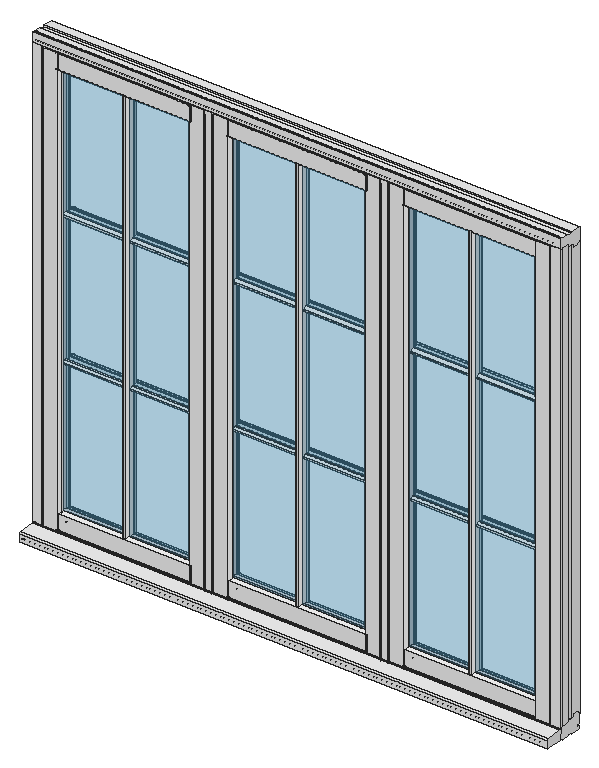
Revit family "C3-6P", category Windows, host Wall, Revit 2012
Parameters
  metal = Matel
  Wood = WindowColor
  Str.Tolrance = 11.0 mm
  Height = 1770.0 mm
  Glass = Glass
  Default Sill Height = 914.4 mm
  Wall Closure = By host
  Width = 2078.0 mm
Reference planes
  plane 1 "Center (Front/Back)": y = 0
  plane 2: z = 0
  plane 3 "Center (Left/Right)": x = 0
  plane 4 "Left": x = -1039
  plane 5 "Right": x = 1039
  plane 6 "Sill": z = 914.4
  plane 7 "Top": z = 2684.4
  plane 8: y = 33.076
  plane 9: z = 2648.4
  plane 10: x = 999
  plane 11: x = -999
  plane 12: z = 2644.4
  plane 13: z = 962.4
  plane 14: x = 941
  plane 15: x = -941
  plane 16: z = 1024.4
  plane 17: z = 2586.4
  plane 18: z = 2628.4
  plane 19: z = 2065.74
  plane 20: x = 346.333
  plane 21: x = -346.333
  plane 22: z = 952.4
  plane 23: x = 32.529
  plane 24: x = 364.333
  plane 25: x = 328.333
  plane 26: x = -364.333
  plane 27: x = -328.333
  plane 28: x = -230.333
  plane 29: x = 681.667
  plane 30: x = 0
  plane 31: x = -681.667
  plane 32: z = 1545.06
Forms (mm)
  Sweep 1, solid, material "Matel" <- "metal"
    path origin (0, 0, 0) x (1, 0, 0) y (0, 0, 1)
      loop
        line (1039, 914.4) -> (1039, 2648.4)
    profile origin (1039, 0, 1781.4) x (-1, 0, 0) y (0, -1, 0)
      loop
        line (0, -10) -> (0, -47) -> (43, -47) -> (43, -44)
        arc (43, -44) -> (50.071, -41.071) -> (53, -34) r 10
        line (53, -34) -> (56, -34) -> (56, -18) -> (36, -18) -> (36, -14) -> (44, -14) -> (44, -4) -> (36, -4) -> (36, -1) -> (44, -1) -> (44, 7) -> (36, 7) -> (36, 31.727)
        arc (36, 31.727) -> (34.922, 33.441) -> (33, 34.079) r 3
        line (33, 34.079) -> (33, 41)
        arc (33, 41) -> (34.834, 41.499) -> (36, 43) r 3
        line (36, 43) -> (36, 47) -> (0, 47) -> (0, 42) -> (2, 42)
        arc (2, 42) -> (5, 39) -> (2, 36) r 3
        line (2, 36) -> (0, 36) -> (0, 10) -> (5, 10) -> (5, -10) -> (0, -10)
  Sweep 2, solid, material "Matel" <- "metal"
    path origin (0, 0, 0) x (1, 0, 0) y (0, 0, 1)
      loop
        line (999, 914.4) -> (999, 2644.4)
    profile origin (999, 0, 1779.4) x (-1, 0, 0) y (0, -1, 0)
      loop
        arc (8, -11.25) -> (8.879, -13.371) -> (11, -14.25) r 3
        line (11, -14.25) -> (52, -14.25) -> (52, 33.75) -> (68, 33.75) -> (68, 35.75) -> (58, 45.75) -> (3, 45.75)
        arc (3, 45.75) -> (0.879, 44.871) -> (0, 42.75) r 3
        line (0, 42.75) -> (0, 40.75)
        arc (0, 40.75) -> (0.879, 38.629) -> (3, 37.75) r 3
        line (3, 37.75) -> (8, 37.75) -> (8, 26.75)
        arc (8, 26.75) -> (8.586, 25.336) -> (10, 24.75) r 2
        line (10, 24.75) -> (10, 6.75)
        arc (10, 6.75) -> (8.586, 6.164) -> (8, 4.75) r 2
        line (8, 4.75) -> (8, -11.25)
  Sweep 3, solid, material "Matel" <- "metal"
    path origin (0, 0, 0) x (-1, 0, 0) y (0, 0, 1)
      loop
        line (1039, 914.4) -> (1039, 2648.4)
    profile origin (-1039, 0, 1781.4) x (-1, 0, 0) y (0, -1, 0)
      loop
        line (0, -10) -> (-5, -10) -> (-5, 10) -> (0, 10) -> (0, 36) -> (-2, 36)
        arc (-2, 36) -> (-5, 39) -> (-2, 42) r 3
        line (-2, 42) -> (0, 42) -> (0, 47) -> (-36, 47) -> (-36, 43)
        arc (-36, 43) -> (-34.834, 41.499) -> (-33, 41) r 3
        line (-33, 41) -> (-33, 34.079)
        arc (-33, 34.079) -> (-34.922, 33.441) -> (-36, 31.727) r 3
        line (-36, 31.727) -> (-36, 7) -> (-44, 7) -> (-44, -1) -> (-36, -1) -> (-36, -4) -> (-44, -4) -> (-44, -14) -> (-36, -14) -> (-36, -18) -> (-56, -18) -> (-56, -34) -> (-53, -34)
        arc (-53, -34) -> (-50.071, -41.071) -> (-43, -44) r 10
        line (-43, -44) -> (-43, -47) -> (0, -47) -> (0, -10)
  Sweep 4, solid, material "Matel" <- "metal"
    path origin (-2484.788, 0, 2651.344) x (0, 0, 1) y (1, 0, 0)
      loop
        line (33.056, 1445.788) -> (33.056, 3523.788)
    profile origin (0, 0, 2684.4) x (0, 0, 1) y (0, -1, 0)
      loop
        line (0, -10) -> (-5, -10) -> (-5, 10) -> (0, 10) -> (0, 36) -> (-2, 36)
        arc (-2, 36) -> (-5, 39) -> (-2, 42) r 3
        line (-2, 42) -> (0, 42) -> (0, 47) -> (-36, 47) -> (-36, 43)
        arc (-36, 43) -> (-34.834, 41.499) -> (-33, 41) r 3
        line (-33, 41) -> (-33, 34.079)
        arc (-33, 34.079) -> (-34.922, 33.441) -> (-36, 31.727) r 3
        line (-36, 31.727) -> (-36, 7) -> (-44, 7) -> (-44, -1) -> (-36, -1) -> (-36, -4) -> (-44, -4) -> (-44, -14) -> (-36, -14) -> (-36, -18) -> (-56, -18) -> (-56, -34) -> (-53, -34)
        arc (-53, -34) -> (-50.071, -41.071) -> (-43, -44) r 10
        line (-43, -44) -> (-43, -47) -> (0, -47) -> (0, -10)
  Sweep 5, solid, material "Matel" <- "metal"
    path origin (0, 0, 0) x (1, 0, 0) y (0, 0, 1)
      loop
        line (1039, 914.4) -> (-1039, 914.4)
    profile origin (0, 0, 914.4) x (0, 0, -1) y (0, -1, 0)
      loop
        line (-55, -46) -> (-20, -46) -> (-20, -36) -> (-10, -36) -> (-10, -46) -> (0, -46) -> (0, -9) -> (-5, -9) -> (-5, 11) -> (0, 11) -> (0, 37) -> (-2, 37)
        arc (-2, 37) -> (-5, 40) -> (-2, 43) r 3
        line (-2, 43) -> (0, 43) -> (0, 48) -> (-23, 48) -> (-23, 43) -> (-38, 43) -> (-38, 48) -> (-41, 48)
        arc (-41, 48) -> (-42.414, 47.414) -> (-43, 46) r 2
        line (-43, 46) -> (-48, 6) -> (-53, 6) -> (-56, -17) -> (-57, -17) -> (-57, -23) -> (-60, -23) -> (-60, -17) -> (-68, -17) -> (-68, -33) -> (-65, -33)
        arc (-65, -33) -> (-62.071, -40.071) -> (-55, -43) r 10
        line (-55, -43) -> (-55, -46)
  Sweep 6, solid, material "Matel" <- "metal"
    path origin (0, 0, 0) x (1, 0, 0) y (0, 0, 1)
      loop
        line (1039, 914.4) -> (-1039, 914.4)
    profile origin (0, 0, 914.4) x (0, 0, -1) y (0, -1, 0)
      loop
        line (-2, 103) -> (0, 103) -> (0, 108) -> (-28, 108)
        arc (-28, 108) -> (-30.068, 107.174) -> (-30.996, 105.149) r 3
        line (-30.996, 105.149) -> (-38, 48) -> (-38, 43) -> (-23, 43) -> (-23, 48) -> (0, 48) -> (0, 97) -> (-2, 97)
        arc (-2, 97) -> (-5, 100) -> (-2, 103) r 3
  Sweep 7, solid, material "Matel" <- "metal"
    path origin (0, 0, 0) x (1, 0, 0) y (0, 0, 1)
      loop
        line (947, 957.4) -> (416.333, 957.4)
    profile origin (681.667, 0, 957.4) x (0, 0, -1) y (0, -1, 0)
      loop
        line (-12, -11.75) -> (-12, 4.25)
        arc (-12, 4.25) -> (-12.586, 5.664) -> (-14, 6.25) r 2
        line (-14, 6.25) -> (-14, 24.25)
        arc (-14, 24.25) -> (-12.586, 24.836) -> (-12, 26.25) r 2
        line (-12, 26.25) -> (-12, 37.25) -> (-3, 37.25)
        arc (-3, 37.25) -> (-0.879, 38.129) -> (0, 40.25) r 3
        line (0, 40.25) -> (0, 42.25)
        arc (0, 42.25) -> (-0.879, 44.371) -> (-3, 45.25) r 3
        line (-3, 45.25) -> (-62, 45.25) -> (-72, 35.25) -> (-72, 33.25) -> (-56, 33.25) -> (-56, -14.75) -> (-15, -14.75)
        arc (-15, -14.75) -> (-12.879, -13.871) -> (-12, -11.75) r 3
  Sweep 8, solid, material "Matel" <- "metal"
    path origin (0, 0, 0) x (1, 0, 0) y (0, 0, 1)
      loop
        line (-422.333, 2586.4) -> (-941, 2586.4) -> (-941, 1019.4) -> (-422.333, 1019.4) -> (-422.333, 2586.4)
    profile origin (-681.667, 0, 2586.4) x (0, 0, -1) y (0, -1, 0)
      loop
        line (-1, -10) -> (-1, -7)
        arc (-1, -7) -> (4.657, -4.657) -> (7, 1) r 8
        line (7, 1) -> (10, 1) -> (10, 5) -> (6, 6) -> (6, 9) -> (-6, 9) -> (-6, -10) -> (-1, -10)
  Sweep 9, solid
    path origin (0, 0, 0) x (1, 0, 0) y (0, 0, 1)
      loop
        line (-422.333, 2586.4) -> (-941, 2586.4) -> (-941, 1024.4) -> (-422.333, 1024.4) -> (-422.333, 2586.4)
    profile origin (-681.667, 0, 2586.4) x (0, 0, -1) y (0, -1, 0)
      loop
        line (-6, 13.165) -> (4, 13.165) -> (4, 29.165) -> (-6, 29.165) -> (-6, 13.165)
  Sweep 10, void
    path origin (0, 0, 0) x (1, 0, 0) y (0, 1, 0)
      loop
        line (-1039, 0) -> (1039, 0)
    profile origin (0, 0, 0) x (0, 1, 0) y (0, 0, 1)
      loop
        line (46, 969.4) -> (43, 969.4)
        arc (43, 969.4) -> (40.071, 976.471) -> (33, 979.4) r 10
        line (33, 979.4) -> (33, 982.4) -> (17, 982.4) -> (17, 974.4) -> (23, 974.4) -> (23, 971.4) -> (17, 971.4) -> (17, 970.4) -> (-6, 967.4) -> (-6, 962.4) -> (-46, 957.4)
        arc (-46, 957.4) -> (-47.414, 956.814) -> (-48, 955.4) r 2
        line (-48, 955.4) -> (-48, 952.4) -> (-80.364, 948.378) -> (-105.37, 945.377) -> (-130.37, 942.377)
        arc (-130.37, 942.377) -> (-132.248, 941.386) -> (-133, 939.4) r 3
        line (-133, 939.4) -> (-133, 909.4) -> (57, 909.4) -> (57, 969.4) -> (46, 969.4)
  Sweep 11, void
    path origin (0, 0, 0) x (1, 0, 0) y (0, 1, 0)
      loop
        line (-1039, 0) -> (1039, 0)
    profile origin (0, 0, 0) x (0, 1, 0) y (0, 0, 1)
      loop
        line (47, 2641.4) -> (57, 2641.4) -> (57, 2691.4) -> (-58, 2691.4) -> (-58, 2648.4) -> (-47, 2648.4) -> (-43, 2648.4)
        arc (-43, 2648.4) -> (-41.499, 2649.566) -> (-41, 2651.4) r 3
        line (-41, 2651.4) -> (-34.079, 2651.4)
        arc (-34.079, 2651.4) -> (-33.441, 2649.478) -> (-31.727, 2648.4) r 3
        line (-31.727, 2648.4) -> (-7, 2648.4) -> (-7, 2640.4) -> (1, 2640.4) -> (1, 2648.4) -> (4, 2648.4) -> (4, 2640.4) -> (14, 2640.4) -> (14, 2648.4) -> (18, 2648.4) -> (18, 2628.4) -> (34, 2628.4) -> (34, 2631.4)
        arc (34, 2631.4) -> (41.071, 2634.329) -> (44, 2641.4) r 10
        line (44, 2641.4) -> (47, 2641.4)
  Sweep 12, solid, material "Matel" <- "metal"
    path origin (0, 0, 0) x (1, 0, 0) y (0, 0, 1)
      loop
        line (941, 2065.74) -> (-941, 2065.74)
    profile origin (0, 0, 2065.74) x (0, 0, -1) y (0, -1, 0)
      loop
        line (10, -10.711) -> (-10, -10.711) -> (-10, -16.711) -> (-8, -16.711) -> (-8, -19.211)
        arc (-8, -19.211) -> (-6.294, -23.727) -> (-2.5, -26.711) r 9
        line (-2.5, -26.711) -> (-2.5, -28.711) -> (2.5, -28.711) -> (2.5, -26.711)
        arc (2.5, -26.711) -> (6.294, -23.727) -> (8, -19.211) r 9
        line (8, -19.211) -> (8, -16.711) -> (10, -16.711) -> (10, -10.711)
      loop
        line (10, 18.378) -> (2.551, 26.532) -> (2.551, 28.532) -> (-2.449, 28.532) -> (-2.449, 26.532) -> (-10, 15.578) -> (10, 15.578) -> (10, 18.378)
  Sweep 13, solid, material "Matel" <- "metal"
    path origin (0, 0, 0) x (1, 0, 0) y (0, 0, 1)
      loop
        line (941, 2065.74) -> (-941, 2065.74)
    profile origin (0, 0, 2065.74) x (0, 0, -1) y (0, -1, 0)
      loop
        line (10, -5.465) -> (10, 10.535) -> (-10, 10.535) -> (-10, -5.465) -> (10, -5.465)
  Sweep 14, solid, material "Matel" <- "metal"
    path origin (0, 0, 0) x (1, 0, 0) y (0, 0, 1)
      loop
        line (346.333, 2648.4) -> (346.333, 952.4)
    profile origin (346.333, 0, 1800.4) x (0, -1, 0) y (1, 0, 0)
      loop
        line (43, -13.953) -> (47, -13.953) -> (47, 14.047) -> (43, 14.047)
        arc (43, 14.047) -> (41.586, 13.461) -> (41, 12.047) r 2
        line (41, 12.047) -> (41, 11.047) -> (34, 11.047) -> (34, 12.047)
        arc (34, 12.047) -> (33.414, 13.461) -> (32, 14.047) r 2
        line (32, 14.047) -> (7, 14.047) -> (7, 20.047) -> (-1, 20.047) -> (-1, 14.047) -> (-4, 14.047) -> (-4, 22.047) -> (-14, 22.047) -> (-14, 14.047) -> (-18, 14.047) -> (-18, 34.047) -> (-34, 34.047) -> (-34, 31.047)
        arc (-34, 31.047) -> (-41.071, 28.118) -> (-44, 21.047) r 10
        line (-44, 21.047) -> (-47, 21.047) -> (-47, -20.953) -> (-44, -20.953)
        arc (-44, -20.953) -> (-41.071, -28.024) -> (-34, -30.953) r 10
        line (-34, -30.953) -> (-34, -33.953) -> (-18, -33.953) -> (-18, -13.953) -> (-14, -13.953) -> (-14, -21.953) -> (-4, -21.953) -> (-4, -13.953) -> (-1, -13.953) -> (-1, -19.953) -> (7, -19.953) -> (7, -13.953) -> (32, -13.953)
        arc (32, -13.953) -> (33.414, -13.367) -> (34, -11.953) r 2
        line (34, -11.953) -> (34, -10.953) -> (41, -10.953) -> (41, -11.953)
        arc (41, -11.953) -> (41.586, -13.367) -> (43, -13.953) r 2
  Sweep 15, solid, material "Matel" <- "metal"
    path origin (0, 0, 0) x (-1, 0, 0) y (0, 0, 1)
      loop
        line (346.333, 2648.4) -> (346.333, 952.4)
    profile origin (-346.333, 0, 1800.4) x (0, -1, 0) y (1, 0, 0)
      loop
        arc (43, 13.953) -> (41.586, 13.367) -> (41, 11.953) r 2
        line (41, 11.953) -> (41, 10.953) -> (34, 10.953) -> (34, 11.953)
        arc (34, 11.953) -> (33.414, 13.367) -> (32, 13.953) r 2
        line (32, 13.953) -> (7, 13.953) -> (7, 19.953) -> (-1, 19.953) -> (-1, 13.953) -> (-4, 13.953) -> (-4, 21.953) -> (-14, 21.953) -> (-14, 13.953) -> (-18, 13.953) -> (-18, 33.953) -> (-34, 33.953) -> (-34, 30.953)
        arc (-34, 30.953) -> (-41.071, 28.024) -> (-44, 20.953) r 10
        line (-44, 20.953) -> (-47, 20.953) -> (-47, -21.047) -> (-44, -21.047)
        arc (-44, -21.047) -> (-41.071, -28.118) -> (-34, -31.047) r 10
        line (-34, -31.047) -> (-34, -34.047) -> (-18, -34.047) -> (-18, -14.047) -> (-14, -14.047) -> (-14, -22.047) -> (-4, -22.047) -> (-4, -14.047) -> (-1, -14.047) -> (-1, -20.047) -> (7, -20.047) -> (7, -14.047) -> (32, -14.047)
        arc (32, -14.047) -> (33.414, -13.461) -> (34, -12.047) r 2
        line (34, -12.047) -> (34, -11.047) -> (41, -11.047) -> (41, -12.047)
        arc (41, -12.047) -> (41.586, -13.461) -> (43, -14.047) r 2
        line (43, -14.047) -> (47, -14.047) -> (47, 13.953) -> (43, 13.953)
  Sweep 16, solid, material "Matel" <- "metal"
    path origin (0, 0, 0) x (-1, 0, 0) y (0, 0, 1)
      loop
        line (999, 914.4) -> (999, 2644.4)
    profile origin (-999, 0, 1779.4) x (-1, 0, 0) y (0, -1, 0)
      loop
        line (-8, -11.25) -> (-8, 4.75)
        arc (-8, 4.75) -> (-8.586, 6.164) -> (-10, 6.75) r 2
        line (-10, 6.75) -> (-10, 24.75)
        arc (-10, 24.75) -> (-8.586, 25.336) -> (-8, 26.75) r 2
        line (-8, 26.75) -> (-8, 37.75) -> (-3, 37.75)
        arc (-3, 37.75) -> (-0.879, 38.629) -> (0, 40.75) r 3
        line (0, 40.75) -> (0, 42.75)
        arc (0, 42.75) -> (-0.879, 44.871) -> (-3, 45.75) r 3
        line (-3, 45.75) -> (-58, 45.75) -> (-68, 35.75) -> (-68, 33.75) -> (-52, 33.75) -> (-52, -14.25) -> (-11, -14.25)
        arc (-11, -14.25) -> (-8.879, -13.371) -> (-8, -11.25) r 3
  Sweep 17, solid, material "Matel" <- "metal"
    path origin (0, 0, 0) x (-1, 0, 0) y (0, 0, 1)
      loop
        line (-422.333, 2586.4) -> (-941, 2586.4) -> (-941, 1019.4) -> (-422.333, 1019.4) -> (-422.333, 2586.4)
    profile origin (681.667, 0, 2586.4) x (0, 0, 1) y (0, -1, 0)
      loop
        line (1, -10) -> (6, -10) -> (6, 9) -> (-6, 9) -> (-6, 6) -> (-10, 5) -> (-10, 1) -> (-7, 1)
        arc (-7, 1) -> (-4.657, -4.657) -> (1, -7) r 8
        line (1, -7) -> (1, -10)
  Sweep 18, solid, material "Matel" <- "metal"
    path origin (692.667, 0, 0) x (-1, 0, 0) y (0, 0, 1)
      loop
        line (1021, 914.4) -> (1021, 2644.4)
    profile origin (-328.333, 0, 1779.4) x (-1, 0, 0) y (0, -1, 0)
      loop
        line (-8, -11.25) -> (-8, 4.75)
        arc (-8, 4.75) -> (-8.586, 6.164) -> (-10, 6.75) r 2
        line (-10, 6.75) -> (-10, 24.75)
        arc (-10, 24.75) -> (-8.586, 25.336) -> (-8, 26.75) r 2
        line (-8, 26.75) -> (-8, 37.75) -> (-3, 37.75)
        arc (-3, 37.75) -> (-0.879, 38.629) -> (0, 40.75) r 3
        line (0, 40.75) -> (0, 42.75)
        arc (0, 42.75) -> (-0.879, 44.871) -> (-3, 45.75) r 3
        line (-3, 45.75) -> (-58, 45.75) -> (-68, 35.75) -> (-68, 33.75) -> (-52, 33.75) -> (-52, -14.25) -> (-11, -14.25)
        arc (-11, -14.25) -> (-8.879, -13.371) -> (-8, -11.25) r 3
  Sweep 19, solid, material "Matel" <- "metal"
    path origin (-692.667, 0, 0) x (1, 0, 0) y (0, 0, 1)
      loop
        line (1021, 914.4) -> (1021, 2644.4)
    profile origin (328.333, 0, 1779.4) x (-1, 0, 0) y (0, -1, 0)
      loop
        arc (8, -11.25) -> (8.879, -13.371) -> (11, -14.25) r 3
        line (11, -14.25) -> (52, -14.25) -> (52, 33.75) -> (68, 33.75) -> (68, 35.75) -> (58, 45.75) -> (3, 45.75)
        arc (3, 45.75) -> (0.879, 44.871) -> (0, 42.75) r 3
        line (0, 42.75) -> (0, 40.75)
        arc (0, 40.75) -> (0.879, 38.629) -> (3, 37.75) r 3
        line (3, 37.75) -> (8, 37.75) -> (8, 26.75)
        arc (8, 26.75) -> (8.586, 25.336) -> (10, 24.75) r 2
        line (10, 24.75) -> (10, 6.75)
        arc (10, 6.75) -> (8.586, 6.164) -> (8, 4.75) r 2
        line (8, 4.75) -> (8, -11.25)
  Sweep 20, solid, material "Matel" <- "metal"
    path origin (692.667, 0, 0) x (-1, 0, 0) y (0, 0, 1)
      loop
        line (969, 957.4) -> (416.333, 957.4)
    profile origin (0, 0, 957.4) x (0, 0, 1) y (0, -1, 0)
      loop
        arc (12, -11.75) -> (12.879, -13.871) -> (15, -14.75) r 3
        line (15, -14.75) -> (56, -14.75) -> (56, 33.25) -> (72, 33.25) -> (72, 35.25) -> (62, 45.25) -> (3, 45.25)
        arc (3, 45.25) -> (0.879, 44.371) -> (0, 42.25) r 3
        line (0, 42.25) -> (0, 40.25)
        arc (0, 40.25) -> (0.879, 38.129) -> (3, 37.25) r 3
        line (3, 37.25) -> (12, 37.25) -> (12, 26.25)
        arc (12, 26.25) -> (12.586, 24.836) -> (14, 24.25) r 2
        line (14, 24.25) -> (14, 6.25)
        arc (14, 6.25) -> (12.586, 5.664) -> (12, 4.25) r 2
        line (12, 4.25) -> (12, -11.75)
  Sweep 21, solid, material "Matel" <- "metal"
    path origin (-1379.333, 0, 0) x (1, 0, 0) y (0, 0, 1)
      loop
        line (963, 957.4) -> (432.333, 957.4)
    profile origin (-681.667, 0, 957.4) x (0, 0, -1) y (0, -1, 0)
      loop
        line (-12, -11.75) -> (-12, 4.25)
        arc (-12, 4.25) -> (-12.586, 5.664) -> (-14, 6.25) r 2
        line (-14, 6.25) -> (-14, 24.25)
        arc (-14, 24.25) -> (-12.586, 24.836) -> (-12, 26.25) r 2
        line (-12, 26.25) -> (-12, 37.25) -> (-3, 37.25)
        arc (-3, 37.25) -> (-0.879, 38.129) -> (0, 40.25) r 3
        line (0, 40.25) -> (0, 42.25)
        arc (0, 42.25) -> (-0.879, 44.371) -> (-3, 45.25) r 3
        line (-3, 45.25) -> (-62, 45.25) -> (-72, 35.25) -> (-72, 33.25) -> (-56, 33.25) -> (-56, -14.75) -> (-15, -14.75)
        arc (-15, -14.75) -> (-12.879, -13.871) -> (-12, -11.75) r 3
  Sweep 22, solid, material "Matel" <- "metal"
    path origin (692.667, 0, 0) x (1, 0, 0) y (0, 0, 1)
      loop
        line (-416.333, 2586.4) -> (-969, 2586.4) -> (-969, 1018.4) -> (-416.333, 1018.4) -> (-416.333, 2586.4)
    profile origin (0, 0, 2586.4) x (0, 0, -1) y (0, -1, 0)
      loop
        line (-1, -10) -> (-1, -7)
        arc (-1, -7) -> (4.657, -4.657) -> (7, 1) r 8
        line (7, 1) -> (10, 1) -> (10, 5) -> (6, 6) -> (6, 9) -> (-6, 9) -> (-6, -10) -> (-1, -10)
  Sweep 23, solid
    path origin (0, 0, 0) x (-1, 0, 0) y (0, 0, 1)
      loop
        line (-428.333, 2586.4) -> (-941, 2586.4) -> (-941, 1024.4) -> (-428.333, 1024.4) -> (-428.333, 2586.4)
    profile origin (684.667, 0, 2586.4) x (0, 0, 1) y (0, -1, 0)
      loop
        line (6, 13.165) -> (6, 29.165) -> (-4, 29.165) -> (-4, 13.165) -> (6, 13.165)
  Sweep 24, solid
    path origin (-692.667, 0, 0) x (-1, 0, 0) y (0, 0, 1)
      loop
        line (-422.333, 2586.4) -> (-963, 2586.4) -> (-963, 1024.4) -> (-422.333, 1024.4) -> (-422.333, 2586.4)
    profile origin (0, 0, 2586.4) x (0, 0, 1) y (0, -1, 0)
      loop
        line (6, 13.165) -> (6, 29.165) -> (-4, 29.165) -> (-4, 13.165) -> (6, 13.165)
  Extrusion 25, solid, material "Glass" <- "Glass"
    sketch origin (0, 0, 0) x (1, 0, 0) y (0, 0, 1)
      loop
        line (941, 2586.4) -> (422.333, 2586.4) -> (422.333, 1024.4) -> (941, 1024.4) -> (941, 2586.4)
    from 29.165 to 33.165
  Extrusion 26, solid, material "Glass" <- "Glass"
    sketch origin (0, -42.331, 0) x (1, 0, 0) y (0, 0, -1)
      loop
        line (941, -2586.4) -> (941, -1018.4) -> (422.333, -1018.4) -> (422.333, -2586.4) -> (941, -2586.4)
    from 29.165 to 33.165
  Extrusion 27, solid, material "Glass" <- "Glass"
    sketch origin (0, 0, 0) x (-1, 0, 0) y (0, 0, -1)
      loop
        line (941, -2586.4) -> (941, -1024.4) -> (416.333, -1024.4) -> (416.333, -2586.4) -> (941, -2586.4)
    from 29.165 to 33.165
  Extrusion 28, solid, material "Glass" <- "Glass"
    sketch origin (0, -42.331, 0) x (-1, 0, 0) y (0, 0, 1)
      loop
        line (941, 2586.4) -> (416.333, 2586.4) -> (416.333, 1018.4) -> (941, 1018.4) -> (941, 2586.4)
    from 29.165 to 33.165
  Extrusion 29, solid, material "Glass" <- "Glass"
    sketch origin (700, 0, 0) x (-1, 0, 0) y (0, 0, -1)
      loop
        line (976.333, -2586.4) -> (976.333, -1018.4) -> (423.667, -1018.4) -> (423.667, -2586.4) -> (976.333, -2586.4)
    from 29.165 to 33.165
  Extrusion 30, solid, material "Glass" <- "Glass"
    sketch origin (700, -42.331, 0) x (-1, 0, 0) y (0, 0, 1)
      loop
        line (970.333, 2586.4) -> (429.667, 2586.4) -> (429.667, 1018.4) -> (970.333, 1018.4) -> (970.333, 2586.4)
    from 29.165 to 33.165
  Sweep 31, solid, material "Matel" <- "metal", detail levels fine
    path origin (-1117.733, 0, 1556.764) x (0, 0, -1) y (1, 0, 0)
      loop
        line (532.364, 1799.4) -> (-1029.636, 1799.4)
    profile origin (681.667, 0, 1805.4) x (-1, 0, 0) y (0, -1, 0)
      loop
        line (10, 7.883) -> (-10, 7.883) -> (-10, 1.883) -> (-8, 1.883) -> (-8, -0.617)
        arc (-8, -0.617) -> (-6.294, -5.133) -> (-2.5, -8.117) r 9
        line (-2.5, -8.117) -> (-2.5, -10.117) -> (2.5, -10.117) -> (2.5, -8.117)
        arc (2.5, -8.117) -> (6.294, -5.133) -> (8, -0.617) r 9
        line (8, -0.617) -> (8, 1.883) -> (10, 1.883) -> (10, 7.883)
      loop
        line (10, 36.972) -> (2.551, 45.126) -> (2.551, 47.126) -> (-2.449, 47.126) -> (-2.449, 45.126) -> (-10, 34.172) -> (10, 34.172) -> (10, 36.972)
  Sweep 32, solid, material "Matel" <- "metal", detail levels fine
    path origin (-5067.285, 0, 1340.129) x (0, 0, -1) y (1, 0, 0)
      loop
        line (315.729, 5748.951) -> (-1246.271, 5748.951)
    profile origin (681.667, 0, 1805.4) x (-1, 0, 0) y (0, -1, 0)
      loop
        line (10, 13.285) -> (10, 29.285) -> (-10, 29.285) -> (-10, 13.285) -> (10, 13.285)
  Sweep 33, solid, material "Matel" <- "metal", detail levels fine
    path origin (-4440.746, 0, 1484.764) x (0, 0, -1) y (1, 0, 0)
      loop
        line (460.364, 4440.746) -> (-1101.636, 4440.746)
    profile origin (0, 0, 1805.4) x (-1, 0, 0) y (0, -1, 0)
      loop
        line (10, 7.883) -> (-10, 7.883) -> (-10, 1.883) -> (-8, 1.883) -> (-8, -0.617)
        arc (-8, -0.617) -> (-6.294, -5.133) -> (-2.5, -8.117) r 9
        line (-2.5, -8.117) -> (-2.5, -10.117) -> (2.5, -10.117) -> (2.5, -8.117)
        arc (2.5, -8.117) -> (6.294, -5.133) -> (8, -0.617) r 9
        line (8, -0.617) -> (8, 1.883) -> (10, 1.883) -> (10, 7.883)
      loop
        line (10, 36.972) -> (2.551, 45.126) -> (2.551, 47.126) -> (-2.449, 47.126) -> (-2.449, 45.126) -> (-10, 34.172) -> (10, 34.172) -> (10, 36.972)
  Sweep 34, solid, material "Matel" <- "metal", detail levels fine
    path origin (-8390.297, 0, 1268.129) x (0, 0, -1) y (1, 0, 0)
      loop
        line (243.729, 8390.297) -> (-1318.271, 8390.297)
    profile origin (0, 0, 1805.4) x (-1, 0, 0) y (0, -1, 0)
      loop
        line (10, 13.285) -> (10, 29.285) -> (-10, 29.285) -> (-10, 13.285) -> (10, 13.285)
  Sweep 35, solid, material "Matel" <- "metal", detail levels fine
    path origin (-4624.339, 0, 1249.976) x (0, 0, -1) y (1, 0, 0)
      loop
        line (225.576, 3942.672) -> (-1336.424, 3942.672)
    profile origin (-681.667, 0, 1805.4) x (-1, 0, 0) y (0, -1, 0)
      loop
        line (10, 7.883) -> (-10, 7.883) -> (-10, 1.883) -> (-8, 1.883) -> (-8, -0.617)
        arc (-8, -0.617) -> (-6.294, -5.133) -> (-2.5, -8.117) r 9
        line (-2.5, -8.117) -> (-2.5, -10.117) -> (2.5, -10.117) -> (2.5, -8.117)
        arc (2.5, -8.117) -> (6.294, -5.133) -> (8, -0.617) r 9
        line (8, -0.617) -> (8, 1.883) -> (10, 1.883) -> (10, 7.883)
      loop
        line (10, 36.972) -> (2.551, 45.126) -> (2.551, 47.126) -> (-2.449, 47.126) -> (-2.449, 45.126) -> (-10, 34.172) -> (10, 34.172) -> (10, 36.972)
  Sweep 36, solid, material "Matel" <- "metal", detail levels fine
    path origin (-8573.89, 0, 1033.341) x (0, 0, -1) y (1, 0, 0)
      loop
        line (8.941, 7892.223) -> (-1553.059, 7892.223)
    profile origin (-681.667, 0, 1805.4) x (-1, 0, 0) y (0, -1, 0)
      loop
        line (10, 13.285) -> (10, 29.285) -> (-10, 29.285) -> (-10, 13.285) -> (10, 13.285)
  Sweep 37, solid, material "Matel" <- "metal"
    path origin (0, 0, 3331.48) x (1, 0, 0) y (0, 0, -1)
      loop
        line (941, 1786.42) -> (-941, 1786.42)
    profile origin (0, 0, 1545.06) x (0, 0, -1) y (0, -1, 0)
      loop
        line (-10, -10.711) -> (-10, -16.711) -> (-8, -16.711) -> (-8, -19.211)
        arc (-8, -19.211) -> (-6.294, -23.727) -> (-2.5, -26.711) r 9
        line (-2.5, -26.711) -> (-2.5, -28.711) -> (2.5, -28.711) -> (2.5, -26.711)
        arc (2.5, -26.711) -> (6.294, -23.727) -> (8, -19.211) r 9
        line (8, -19.211) -> (8, -16.711) -> (10, -16.711) -> (10, -10.711) -> (-10, -10.711)
      loop
        line (-10, 18.378) -> (-10, 15.578) -> (10, 15.578) -> (2.449, 26.532) -> (2.449, 28.532) -> (-2.551, 28.532) -> (-2.551, 26.532) -> (-10, 18.378)
  Sweep 38, solid, material "Matel" <- "metal"
    path origin (0, 0, 3331.48) x (1, 0, 0) y (0, 0, -1)
      loop
        line (941, 1786.42) -> (-941, 1786.42)
    profile origin (0, 0, 1545.06) x (0, 0, -1) y (0, -1, 0)
      loop
        line (-10, -5.465) -> (10, -5.465) -> (10, 10.535) -> (-10, 10.535) -> (-10, -5.465)
  Sweep 39, solid, material "Matel" <- "metal"
    path origin (1363.333, 0, 0) x (-1, 0, 0) y (0, 0, 1)
      loop
        line (999, 914.4) -> (999, 2644.4)
    profile origin (364.333, 0, 1779.4) x (-1, 0, 0) y (0, -1, 0)
      loop
        line (-8, -11.25) -> (-8, 4.75)
        arc (-8, 4.75) -> (-8.586, 6.164) -> (-10, 6.75) r 2
        line (-10, 6.75) -> (-10, 24.75)
        arc (-10, 24.75) -> (-8.586, 25.336) -> (-8, 26.75) r 2
        line (-8, 26.75) -> (-8, 37.75) -> (-3, 37.75)
        arc (-3, 37.75) -> (-0.879, 38.629) -> (0, 40.75) r 3
        line (0, 40.75) -> (0, 42.75)
        arc (0, 42.75) -> (-0.879, 44.871) -> (-3, 45.75) r 3
        line (-3, 45.75) -> (-58, 45.75) -> (-68, 35.75) -> (-68, 33.75) -> (-52, 33.75) -> (-52, -14.25) -> (-11, -14.25)
        arc (-11, -14.25) -> (-8.879, -13.371) -> (-8, -11.25) r 3
  Sweep 40, solid, material "Matel" <- "metal"
    path origin (2383.667, 0, 3752.337) x (0, 0, 1) y (-1, 0, 0)
      loop
        line (-1107.937, 1436.667) -> (-1107.937, 1967.333)
    profile origin (681.667, 0, 2644.4) x (0, 0, -1) y (0, -1, 0)
      loop
        arc (8, -11.75) -> (8.879, -13.871) -> (11, -14.75) r 3
        line (11, -14.75) -> (52, -14.75) -> (52, 33.25) -> (68, 33.25) -> (68, 35.25) -> (58, 45.25) -> (3, 45.25)
        arc (3, 45.25) -> (0.879, 44.371) -> (0, 42.25) r 3
        line (0, 42.25) -> (0, 40.25)
        arc (0, 40.25) -> (0.879, 38.129) -> (3, 37.25) r 3
        line (3, 37.25) -> (8, 37.25) -> (8, 26.25)
        arc (8, 26.25) -> (8.586, 24.836) -> (10, 24.25) r 2
        line (10, 24.25) -> (10, 6.25)
        arc (10, 6.25) -> (8.586, 5.664) -> (8, 4.25) r 2
        line (8, 4.25) -> (8, -11.75)
  Sweep 41, solid, material "Matel" <- "metal"
    path origin (-1363.333, 0, 0) x (1, 0, 0) y (0, 0, 1)
      loop
        line (999, 914.4) -> (999, 2644.4)
    profile origin (-364.333, 0, 1779.4) x (-1, 0, 0) y (0, -1, 0)
      loop
        arc (8, -11.25) -> (8.879, -13.371) -> (11, -14.25) r 3
        line (11, -14.25) -> (52, -14.25) -> (52, 33.75) -> (68, 33.75) -> (68, 35.75) -> (58, 45.75) -> (3, 45.75)
        arc (3, 45.75) -> (0.879, 44.871) -> (0, 42.75) r 3
        line (0, 42.75) -> (0, 40.75)
        arc (0, 40.75) -> (0.879, 38.629) -> (3, 37.75) r 3
        line (3, 37.75) -> (8, 37.75) -> (8, 26.75)
        arc (8, 26.75) -> (8.586, 25.336) -> (10, 24.75) r 2
        line (10, 24.75) -> (10, 6.75)
        arc (10, 6.75) -> (8.586, 6.164) -> (8, 4.75) r 2
        line (8, 4.75) -> (8, -11.25)
  Sweep 42, solid, material "Matel" <- "metal"
    path origin (1167.825, 0, 3645.925) x (0, 0, 1) y (-1, 0, 0)
      loop
        line (-1001.525, 1584.159) -> (-1001.525, 2114.825)
    profile origin (-681.667, 0, 2644.4) x (0, 0, -1) y (0, -1, 0)
      loop
        arc (8, -11.75) -> (8.879, -13.871) -> (11, -14.75) r 3
        line (11, -14.75) -> (52, -14.75) -> (52, 33.25) -> (68, 33.25) -> (68, 35.25) -> (58, 45.25) -> (3, 45.25)
        arc (3, 45.25) -> (0.879, 44.371) -> (0, 42.25) r 3
        line (0, 42.25) -> (0, 40.25)
        arc (0, 40.25) -> (0.879, 38.129) -> (3, 37.25) r 3
        line (3, 37.25) -> (8, 37.25) -> (8, 26.25)
        arc (8, 26.25) -> (8.586, 24.836) -> (10, 24.25) r 2
        line (10, 24.25) -> (10, 6.25)
        arc (10, 6.25) -> (8.586, 5.664) -> (8, 4.25) r 2
        line (8, 4.25) -> (8, -11.75)
  Sweep 43, solid, material "Matel" <- "metal"
    path origin (1713, 0, 3752.337) x (0, 0, 1) y (-1, 0, 0)
      loop
        line (-1107.937, 1436.667) -> (-1107.937, 1989.333)
    profile origin (0, 0, 2644.4) x (0, 0, -1) y (0, -1, 0)
      loop
        arc (8, -11.75) -> (8.879, -13.871) -> (11, -14.75) r 3
        line (11, -14.75) -> (52, -14.75) -> (52, 33.25) -> (68, 33.25) -> (68, 35.25) -> (58, 45.25) -> (3, 45.25)
        arc (3, 45.25) -> (0.879, 44.371) -> (0, 42.25) r 3
        line (0, 42.25) -> (0, 40.25)
        arc (0, 40.25) -> (0.879, 38.129) -> (3, 37.25) r 3
        line (3, 37.25) -> (8, 37.25) -> (8, 26.25)
        arc (8, 26.25) -> (8.586, 24.836) -> (10, 24.25) r 2
        line (10, 24.25) -> (10, 6.25)
        arc (10, 6.25) -> (8.586, 5.664) -> (8, 4.25) r 2
        line (8, 4.25) -> (8, -11.75)
Cuts and joins
  Sweep 10, Sweep 11 cuts Sweep 1
  Sweep 10 cuts Sweep 2
  Sweep 10, Sweep 11 cuts Sweep 3
Lines and regions (mm)
  Opening 1
    outline origin (-1524, -47, 0) x (1, 0, 0) y (0, 0, 1)
      loop
        line (485, 2684.4) -> (485, 914.4) -> (2563, 914.4) -> (2563, 2684.4) -> (485, 2684.4)
Text (mm)
  text "EXTERIOR" at (-1490.695, 1293.036, 0), in view "Ref. Level"
  text "INTERIOR" at (-1490.695, -959.266, 0), in view "Ref. Level"
  text "Exterior" at (0, 1108.87, 3129.179), in view "Left"
  text "Exterior" at (0, 464.664, 3176.206), in view "Right"
Dimensions and locks
  equal spacing: plane 4 "Left", plane 3 "Center (Left/Right)", plane 5 "Right"
  "Height": plane 6 "Sill" to plane 7 "Top"
  "Default Sill Height": plane 2 to plane 6 "Sill"
  plane 6 "Sill" to plane 7 "Top" = 1770.0 mm
  "Width": plane 4 "Left" to plane 5 "Right"
  locked: plane 9 to plane 7 "Top" at 36
  plane 10 to plane 5 "Right" = 40.0 mm
  plane 11 to plane 4 "Left" = 40.0 mm
  locked: plane 12 to plane 7 "Top" at 40
  locked: plane 6 "Sill" to plane 13 at 48
  locked: plane 5 "Right" to plane 14 at 98
  locked: plane 4 "Left" to plane 15 at 98
  locked: plane 6 "Sill" to plane 16 at 110
  locked: plane 17 to plane 7 "Top" at 98
  locked: plane 6 "Sill" to plane 22 at 38
  equal spacing: plane 4 "Left", plane 21, plane 20, plane 5 "Right"
  equal spacing: plane 25, plane 20, plane 24
  equal spacing: plane 26, plane 21, plane 27
  locked: Extrusion 25 to Extrusion 25 at 4
  locked: Extrusion 26 to Extrusion 26 at 4
  locked: Extrusion 27 to Extrusion 27 at 4
  locked: Extrusion 28 to Extrusion 28 at 4
  locked: Extrusion 29 to Extrusion 29 at 4
  locked: Extrusion 30 to Extrusion 30 at 4
  equal spacing: Sweep 17, plane 29, Sweep 17
  equal spacing: Sweep 22, plane 30, Sweep 22
  equal spacing: Sweep 8, plane 31, Sweep 8
  locked: plane 19 to plane 7 "Top" at 618.66
  locked: plane 6 "Sill" to plane 32 at 630.66
  aligned and locked: plane 7 "Top" to Opening 1 sketch curve
  aligned and locked: plane 6 "Sill" to Opening 1 sketch curve  (x2)
  aligned and locked: plane 5 "Right" to Opening 1 sketch curve
  aligned and locked: plane 4 "Left" to Opening 1 sketch curve
  aligned and locked: level to plane 2
  aligned and locked: plane 5 "Right" to Sweep 1 sketch curve
  aligned and locked: plane 10 to Sweep 2 sketch curve
  aligned and locked: plane 9 to Sweep 1 sketch curve
  aligned and locked: plane 4 "Left" to Sweep 3 sketch curve
  aligned and locked: plane 9 to Sweep 3 sketch curve
  aligned and locked: plane 5 "Right" to Sweep 4 sketch curve
  aligned and locked: plane 4 "Left" to Sweep 4 sketch curve
  aligned and locked: plane 4 "Left" to Sweep 5 sketch curve
  aligned and locked: plane 5 "Right" to Sweep 5 sketch curve
  aligned and locked: Sweep 8 sketch curve to plane 15
  aligned and locked: Sweep 8 sketch curve to plane 17
  aligned and locked: Sweep 9 sketch curve to plane 15
  aligned and locked: Sweep 9 sketch curve to plane 17
  aligned and locked: Sweep 9 sketch curve to plane 16
  aligned and locked: plane 6 "Sill" to Sweep 5
  aligned and locked: plane 6 "Sill" to Sweep 6
  aligned and locked: Sweep 4 to plane 7 "Top"
  aligned and locked: Sweep 7 sketch curve to Sweep 5
  aligned and locked: plane 14 to Sweep 12 sketch curve
  aligned and locked: plane 15 to Sweep 12 sketch curve
  aligned and locked: Sweep 12 sketch curve to plane 19
  aligned and locked: plane 14 to Sweep 13 sketch curve
  aligned and locked: plane 15 to Sweep 13 sketch curve
  aligned and locked: Sweep 13 sketch curve to plane 19
  aligned and locked: Sweep 14 sketch curve to plane 20
  aligned and locked: plane 22 to Sweep 14 sketch curve
  aligned and locked: plane 22 to Sweep 15 sketch curve
  aligned and locked: Sweep 15 sketch curve to plane 21
  aligned and locked: Sweep 16 sketch curve to plane 11
  aligned and locked: Sweep 8 sketch curve to Sweep 7
  aligned and locked: plane 14 to Sweep 17 sketch curve
  aligned and locked: plane 17 to Sweep 17 sketch curve
  aligned and locked: Sweep 17 sketch curve to Sweep 7
  aligned and locked: Sweep 18 sketch curve to plane 27
  aligned and locked: Sweep 19 sketch curve to plane 25
  aligned and locked: plane 12 to Sweep 19 sketch curve
  aligned and locked: Sweep 9 to Sweep 22 sketch curve
  aligned and locked: Sweep 22 sketch curve to Sweep 20  (x2)
  aligned and locked: plane 14 to Sweep 23 sketch curve
  aligned and locked: plane 17 to Sweep 23 sketch curve
  aligned and locked: Sweep 23 sketch curve to Sweep 17
  aligned and locked: Sweep 24 sketch curve to Sweep 22  (x2)
  aligned and locked: Extrusion 25 sketch curve to plane 14
  aligned and locked: Extrusion 25 to Sweep 23
  aligned and locked: Extrusion 25 sketch curve to plane 16
  aligned and locked: Extrusion 25 sketch curve to plane 17
  aligned and locked: Extrusion 25 sketch curve to Sweep 23
  aligned and locked: Extrusion 26 sketch curve to Sweep 23
  aligned and locked: Extrusion 26 sketch curve to plane 17
  aligned and locked: Extrusion 26 sketch curve to plane 14
  aligned and locked: Sweep 17 to Extrusion 26 sketch curve
  aligned and locked: Extrusion 27 sketch curve to plane 17
  aligned and locked: plane 15 to Extrusion 27 sketch curve
  aligned and locked: Extrusion 27 sketch curve to plane 16
  aligned and locked: Extrusion 27 sketch curve to Sweep 21
  aligned and locked: plane 15 to Extrusion 28 sketch curve
  aligned and locked: Extrusion 28 sketch curve to Sweep 21
  aligned and locked: Sweep 9 to Extrusion 28 sketch curve
  aligned and locked: Extrusion 28 sketch curve to plane 17
  aligned and locked: Extrusion 29 sketch curve to Sweep 20
  aligned and locked: plane 17 to Extrusion 29 sketch curve
  aligned and locked: Sweep 24 to Extrusion 29 sketch curve
  aligned and locked: plane 17 to Extrusion 30 sketch curve
  aligned and locked: Sweep 24 to Extrusion 30 sketch curve
  aligned and locked: Sweep 31 sketch curve to plane 29
  aligned and locked: plane 17 to Sweep 31 sketch curve
  aligned and locked: plane 16 to Sweep 31 sketch curve
  aligned and locked: Sweep 32 sketch curve to plane 29
  aligned and locked: plane 17 to Sweep 32 sketch curve
  aligned and locked: plane 16 to Sweep 32 sketch curve
  aligned and locked: plane 30 to Sweep 33 sketch curve
  aligned and locked: plane 17 to Sweep 33 sketch curve
  aligned and locked: plane 16 to Sweep 33 sketch curve
  aligned and locked: plane 30 to Sweep 34 sketch curve
  aligned and locked: plane 17 to Sweep 34 sketch curve
  aligned and locked: plane 16 to Sweep 34 sketch curve
  aligned and locked: Sweep 35 sketch curve to plane 31
  aligned and locked: Sweep 35 sketch curve to plane 17
  aligned and locked: Sweep 35 sketch curve to plane 16
  aligned and locked: Sweep 36 sketch curve to plane 31
  aligned and locked: Sweep 36 sketch curve to plane 17
  aligned and locked: Sweep 36 sketch curve to plane 16
  aligned and locked: plane 32 to Sweep 37 sketch curve
  aligned and locked: plane 32 to Sweep 38 sketch curve
  aligned and locked: plane 9 to Sweep 14 sketch curve
  aligned and locked: plane 9 to Sweep 15 sketch curve
  aligned and locked: plane 24 to Sweep 39 sketch curve
  aligned and locked: Sweep 40 sketch curve to plane 12
  aligned and locked: plane 26 to Sweep 41 sketch curve
  aligned and locked: Sweep 42 sketch curve to plane 12
Automatic sketch dimensions
  Sweep 1 sketch curve to plane 6 "Sill" = 0.0 mm
  Sweep 1 sketch curve to profile plane = 0.0 mm  (x3)
  Sweep 1 sketch curve to profile plane = 2.0 mm
  Sweep 1 sketch curve to Sweep 1 sketch curve = 5.0 mm  (x2)
  Sweep 1 sketch curve to Sweep 1 sketch curve = 31.0 mm  (x2)
  Sweep 1 sketch curve to Sweep 1 sketch curve = 0.071 mm
  Sweep 1 sketch curve to Sweep 1 sketch curve = 0.17 mm
  Sweep 1 sketch curve to plane 1 "Center (Front/Back)" = 4.0 mm
  Sweep 1 sketch curve to Sweep 1 sketch curve = 0.0 mm  (x3)
  Sweep 1 sketch curve to Sweep 1 sketch curve = 2.83 mm
  Sweep 1 sketch curve to Sweep 1 sketch curve = 7.0 mm
  Sweep 1 sketch curve to Sweep 1 sketch curve = 8.0 mm
  Sweep 1 sketch curve to plane 1 "Center (Front/Back)" = 1.0 mm
  Sweep 1 sketch curve to Sweep 1 sketch curve = 10.0 mm  (x2)
  Sweep 1 sketch curve to Sweep 1 sketch curve = 12.0 mm
  Sweep 1 sketch curve to plane 1 "Center (Front/Back)" = 10.0 mm
  Sweep 1 sketch curve to Sweep 1 sketch curve = 4.0 mm
  Sweep 1 sketch curve to Sweep 1 sketch curve = 16.0 mm
  Sweep 1 sketch curve to Sweep 1 sketch curve = 3.0 mm  (x2)
  plane 1 "Center (Front/Back)" to Sweep 1 sketch curve = 7.0 mm
  plane 1 "Center (Front/Back)" to Sweep 1 sketch curve = 10.0 mm
  Sweep 1 sketch curve to Sweep 1 sketch curve = 24.08 mm
  Sweep 1 sketch curve to Sweep 1 sketch curve = 0.647 mm
  Sweep 1 sketch curve to Sweep 1 sketch curve = 26.0 mm
  Sweep 1 sketch curve to Sweep 1 sketch curve = 6.921 mm
  Sweep 1 sketch curve to Sweep 1 sketch curve = 2.0 mm
  Sweep 2 sketch curve to plane 6 "Sill" = 0.0 mm
  Sweep 2 sketch curve to plane 12 = 0.0 mm
  Sweep 2 sketch curve to profile plane = 0.0 mm
  Sweep 2 sketch curve to profile plane = 3.0 mm
  Sweep 2 sketch curve to Sweep 2 sketch curve = 0.0 mm
  Sweep 2 sketch curve to profile plane = 8.0 mm
  Sweep 2 sketch curve to Sweep 2 sketch curve = 5.0 mm
  Sweep 2 sketch curve to Sweep 2 sketch curve = 2.0 mm  (x3)
  Sweep 2 sketch curve to Sweep 2 sketch curve = 3.0 mm
  Sweep 2 sketch curve to plane 1 "Center (Front/Back)" = 14.25 mm
  Sweep 2 sketch curve to Sweep 2 sketch curve = 41.0 mm
  Sweep 2 sketch curve to Sweep 2 sketch curve = 6.0 mm
  Sweep 2 sketch curve to Sweep 2 sketch curve = 10.0 mm
  plane 1 "Center (Front/Back)" to Sweep 2 sketch curve = 4.75 mm
  Sweep 2 sketch curve to Sweep 2 sketch curve = 18.0 mm
  plane 1 "Center (Front/Back)" to Sweep 2 sketch curve = 33.75 mm
  Sweep 2 sketch curve to Sweep 2 sketch curve = 11.0 mm
  Sweep 3 sketch curve to plane 6 "Sill" = 0.0 mm
  Sweep 3 sketch curve to profile plane = 0.0 mm  (x3)
  Sweep 3 sketch curve to Sweep 3 sketch curve = 2.0 mm  (x2)
  Sweep 3 sketch curve to Sweep 3 sketch curve = 5.0 mm  (x2)
  Sweep 3 sketch curve to Sweep 3 sketch curve = 31.0 mm
  Sweep 3 sketch curve to Sweep 3 sketch curve = 0.071 mm
  Sweep 3 sketch curve to Sweep 3 sketch curve = 0.17 mm
  plane 1 "Center (Front/Back)" to Sweep 3 sketch curve = 7.0 mm
  Sweep 3 sketch curve to Sweep 3 sketch curve = 2.929 mm
  Sweep 3 sketch curve to Sweep 3 sketch curve = 2.83 mm
  Sweep 3 sketch curve to plane 1 "Center (Front/Back)" = 1.0 mm
  Sweep 3 sketch curve to Sweep 3 sketch curve = 0.0 mm  (x3)
  Sweep 3 sketch curve to Sweep 3 sketch curve = 7.0 mm
  Sweep 3 sketch curve to Sweep 3 sketch curve = 8.0 mm
  Sweep 3 sketch curve to Sweep 3 sketch curve = 10.0 mm  (x2)
  Sweep 3 sketch curve to Sweep 3 sketch curve = 3.0 mm  (x4)
  Sweep 3 sketch curve to plane 1 "Center (Front/Back)" = 10.0 mm
  Sweep 3 sketch curve to Sweep 3 sketch curve = 4.0 mm
  Sweep 3 sketch curve to Sweep 3 sketch curve = 16.0 mm
  plane 1 "Center (Front/Back)" to Sweep 3 sketch curve = 10.0 mm
  Sweep 3 sketch curve to Sweep 3 sketch curve = 24.08 mm
  Sweep 3 sketch curve to Sweep 3 sketch curve = 0.647 mm
  Sweep 3 sketch curve to Sweep 3 sketch curve = 26.0 mm
  Sweep 3 sketch curve to Sweep 3 sketch curve = 6.921 mm
  Sweep 4 sketch curve to plane 7 "Top" = 0.0 mm
  profile plane to Sweep 4 sketch curve = 0.0 mm  (x3)
  Sweep 4 sketch curve to Sweep 4 sketch curve = 2.0 mm  (x2)
  Sweep 4 sketch curve to Sweep 4 sketch curve = 5.0 mm  (x2)
  Sweep 4 sketch curve to Sweep 4 sketch curve = 31.0 mm
  Sweep 4 sketch curve to Sweep 4 sketch curve = 0.071 mm
  Sweep 4 sketch curve to Sweep 4 sketch curve = 0.17 mm
  plane 1 "Center (Front/Back)" to Sweep 4 sketch curve = 7.0 mm
  Sweep 4 sketch curve to Sweep 4 sketch curve = 2.929 mm
  Sweep 4 sketch curve to Sweep 4 sketch curve = 2.83 mm
  Sweep 4 sketch curve to plane 1 "Center (Front/Back)" = 1.0 mm
  Sweep 4 sketch curve to Sweep 4 sketch curve = 0.0 mm  (x3)
  Sweep 4 sketch curve to Sweep 4 sketch curve = 7.0 mm
  Sweep 4 sketch curve to Sweep 4 sketch curve = 8.0 mm
  Sweep 4 sketch curve to Sweep 4 sketch curve = 10.0 mm  (x2)
  Sweep 4 sketch curve to Sweep 4 sketch curve = 3.0 mm  (x4)
  Sweep 4 sketch curve to plane 1 "Center (Front/Back)" = 10.0 mm
  Sweep 4 sketch curve to Sweep 4 sketch curve = 4.0 mm
  Sweep 4 sketch curve to Sweep 4 sketch curve = 16.0 mm
  plane 1 "Center (Front/Back)" to Sweep 4 sketch curve = 10.0 mm
  Sweep 4 sketch curve to Sweep 4 sketch curve = 24.08 mm
  Sweep 4 sketch curve to Sweep 4 sketch curve = 0.647 mm
  Sweep 4 sketch curve to Sweep 4 sketch curve = 26.0 mm
  Sweep 4 sketch curve to Sweep 4 sketch curve = 6.921 mm
  Sweep 5 sketch curve to plane 6 "Sill" = 0.0 mm
  Sweep 5 sketch curve to profile plane = 0.0 mm  (x3)
  profile plane to Sweep 5 sketch curve = 2.0 mm
  profile plane to Sweep 5 sketch curve = 5.0 mm
  profile plane to Sweep 5 sketch curve = 10.0 mm
  Sweep 5 sketch curve to Sweep 5 sketch curve = 10.0 mm  (x5)
  Sweep 5 sketch curve to Sweep 5 sketch curve = 21.0 mm
  Sweep 5 sketch curve to Sweep 5 sketch curve = 15.0 mm
  Sweep 5 sketch curve to Sweep 5 sketch curve = 3.0 mm  (x6)
  Sweep 5 sketch curve to Sweep 5 sketch curve = 2.0 mm
  plane 1 "Center (Front/Back)" to Sweep 5 sketch curve = 6.0 mm
  Sweep 5 sketch curve to Sweep 5 sketch curve = 5.0 mm  (x2)
  Sweep 5 sketch curve to Sweep 5 sketch curve = 35.0 mm
  Sweep 5 sketch curve to plane 1 "Center (Front/Back)" = 17.0 mm
  Sweep 5 sketch curve to Sweep 5 sketch curve = 1.0 mm  (x2)
  Sweep 5 sketch curve to Sweep 5 sketch curve = 0.0 mm  (x2)
  Sweep 5 sketch curve to Sweep 5 sketch curve = 6.0 mm
  Sweep 5 sketch curve to plane 1 "Center (Front/Back)" = 36.0 mm
  Sweep 5 sketch curve to plane 1 "Center (Front/Back)" = 9.0 mm
  plane 1 "Center (Front/Back)" to Sweep 5 sketch curve = 11.0 mm
  Sweep 5 sketch curve to Sweep 5 sketch curve = 26.0 mm
  plane 4 "Left" to Sweep 6 sketch curve = 0.0 mm
  plane 5 "Right" to Sweep 6 sketch curve = 0.0 mm
  Sweep 6 sketch curve to plane 6 "Sill" = 0.0 mm
  Sweep 6 sketch curve to profile plane = 0.0 mm  (x2)
  Sweep 6 sketch curve to Sweep 6 sketch curve = 2.0 mm  (x2)
  Sweep 6 sketch curve to Sweep 6 sketch curve = 23.0 mm
  Sweep 6 sketch curve to Sweep 6 sketch curve = 26.0 mm
  Sweep 6 sketch curve to Sweep 6 sketch curve = 2.996 mm
  Sweep 6 sketch curve to Sweep 6 sketch curve = 15.0 mm
  plane 1 "Center (Front/Back)" to Sweep 6 sketch curve = 43.0 mm
  Sweep 6 sketch curve to Sweep 6 sketch curve = 5.0 mm  (x2)
  Sweep 6 sketch curve to Sweep 6 sketch curve = 49.0 mm
  Sweep 6 sketch curve to Sweep 6 sketch curve = 3.0 mm
  Sweep 6 sketch curve to Sweep 6 sketch curve = 0.149 mm
  Sweep 7 sketch curve to profile plane = 0.0 mm
  profile plane to Sweep 7 sketch curve = 3.0 mm  (x2)
  profile plane to Sweep 7 sketch curve = 12.0 mm  (x2)
  Sweep 7 sketch curve to Sweep 7 sketch curve = 2.0 mm  (x3)
  Sweep 7 sketch curve to Sweep 7 sketch curve = 3.0 mm
  Sweep 7 sketch curve to Sweep 7 sketch curve = 42.0 mm
  Sweep 7 sketch curve to Sweep 7 sketch curve = 6.0 mm
  Sweep 7 sketch curve to Sweep 7 sketch curve = 10.0 mm
  Sweep 7 sketch curve to plane 1 "Center (Front/Back)" = 14.75 mm
  plane 1 "Center (Front/Back)" to Sweep 7 sketch curve = 4.25 mm
  Sweep 7 sketch curve to Sweep 7 sketch curve = 18.0 mm
  plane 1 "Center (Front/Back)" to Sweep 7 sketch curve = 33.25 mm
  Sweep 7 sketch curve to Sweep 7 sketch curve = 11.0 mm
  plane 26 to Sweep 8 sketch curve = 58.0 mm
  profile plane to Sweep 8 sketch curve = 6.0 mm
  profile plane to Sweep 8 sketch curve = 1.0 mm
  Sweep 8 sketch curve to profile plane = 6.0 mm
  plane 1 "Center (Front/Back)" to Sweep 8 sketch curve = 1.0 mm
  Sweep 8 sketch curve to Sweep 8 sketch curve = 1.0 mm  (x2)
  plane 1 "Center (Front/Back)" to Sweep 8 sketch curve = 5.0 mm
  Sweep 8 sketch curve to Sweep 8 sketch curve = 4.0 mm
  Sweep 8 sketch curve to Sweep 8 sketch curve = 3.0 mm
  plane 1 "Center (Front/Back)" to Sweep 8 sketch curve = 9.0 mm
  plane 26 to Sweep 9 sketch curve = 58.0 mm
  profile plane to Sweep 9 sketch curve = 6.0 mm
  Sweep 9 sketch curve to profile plane = 4.0 mm
  plane 1 "Center (Front/Back)" to Sweep 9 sketch curve = 13.165 mm
  Sweep 9 sketch curve to Sweep 9 sketch curve = 16.0 mm
  plane 1 "Center (Front/Back)" to Sweep 10 sketch curve = 0.0 mm
  Sweep 10 sketch curve to plane 4 "Left" = 0.0 mm
  Sweep 10 sketch curve to plane 5 "Right" = 0.0 mm
  profile plane to Sweep 10 sketch curve = 133.0 mm
  Sweep 10 sketch curve to Sweep 10 sketch curve = 2.63 mm
  Sweep 10 sketch curve to Sweep 10 sketch curve = 3.0 mm  (x6)
  Sweep 10 sketch curve to Sweep 10 sketch curve = 25.0 mm
  Sweep 10 sketch curve to Sweep 10 sketch curve = 25.006 mm
  Sweep 10 sketch curve to Sweep 10 sketch curve = 32.364 mm
  Sweep 10 sketch curve to Sweep 10 sketch curve = 2.0 mm  (x2)
  profile plane to Sweep 10 sketch curve = 6.0 mm
  Sweep 10 sketch curve to profile plane = 17.0 mm
  Sweep 10 sketch curve to Sweep 10 sketch curve = 0.0 mm
  Sweep 10 sketch curve to Sweep 10 sketch curve = 6.0 mm
  Sweep 10 sketch curve to Sweep 10 sketch curve = 10.0 mm  (x2)
  Sweep 10 sketch curve to Sweep 10 sketch curve = 11.0 mm
  level to Sweep 10 sketch curve = 909.4 mm
  Sweep 10 sketch curve to Sweep 10 sketch curve = 30.0 mm
  Sweep 10 sketch curve to Sweep 10 sketch curve = 3.001 mm
  Sweep 10 sketch curve to Sweep 10 sketch curve = 4.022 mm
  Sweep 10 sketch curve to Sweep 10 sketch curve = 5.0 mm  (x2)
  Sweep 10 sketch curve to Sweep 10 sketch curve = 1.0 mm  (x2)
  plane 1 "Center (Front/Back)" to Sweep 11 sketch curve = 0.0 mm
  Sweep 11 sketch curve to plane 4 "Left" = 0.0 mm
  Sweep 11 sketch curve to plane 5 "Right" = 0.0 mm
  profile plane to Sweep 11 sketch curve = 58.0 mm
  Sweep 11 sketch curve to Sweep 11 sketch curve = 11.0 mm
  Sweep 11 sketch curve to Sweep 11 sketch curve = 3.005 mm
  Sweep 11 sketch curve to Sweep 11 sketch curve = 0.995 mm
  Sweep 11 sketch curve to Sweep 11 sketch curve = 2.995 mm
  Sweep 11 sketch curve to Sweep 11 sketch curve = 6.921 mm
  Sweep 11 sketch curve to Sweep 11 sketch curve = 2.353 mm
  Sweep 11 sketch curve to Sweep 11 sketch curve = 0.647 mm
  profile plane to Sweep 11 sketch curve = 7.0 mm
  Sweep 11 sketch curve to profile plane = 1.0 mm
  Sweep 11 sketch curve to Sweep 11 sketch curve = 3.0 mm  (x3)
  Sweep 11 sketch curve to Sweep 11 sketch curve = 10.0 mm  (x3)
  Sweep 11 sketch curve to Sweep 11 sketch curve = 4.0 mm
  Sweep 11 sketch curve to Sweep 11 sketch curve = 16.0 mm
  level to Sweep 11 sketch curve = 2628.4 mm
  Sweep 11 sketch curve to Sweep 11 sketch curve = 12.0 mm
  Sweep 11 sketch curve to Sweep 11 sketch curve = 0.0 mm  (x3)
  Sweep 11 sketch curve to Sweep 11 sketch curve = 8.0 mm  (x2)
  Sweep 11 sketch curve to Sweep 11 sketch curve = 2.83 mm
  Sweep 11 sketch curve to Sweep 11 sketch curve = 50.0 mm
  profile plane to Sweep 12 sketch curve = 10.0 mm  (x2)
  Sweep 12 sketch curve to Sweep 12 sketch curve = 2.0 mm  (x5)
  profile plane to Sweep 12 sketch curve = 2.5 mm
  profile plane to Sweep 12 sketch curve = 2.449 mm
  profile plane to Sweep 12 sketch curve = 0.964 mm
  Sweep 12 sketch curve to profile plane = 0.964 mm
  Sweep 12 sketch curve to profile plane = 2.5 mm
  Sweep 12 sketch curve to profile plane = 2.551 mm
  Sweep 12 sketch curve to Sweep 12 sketch curve = 7.036 mm
  Sweep 12 sketch curve to profile plane = 10.0 mm
  Sweep 12 sketch curve to plane 1 "Center (Front/Back)" = 28.711 mm
  Sweep 12 sketch curve to Sweep 12 sketch curve = 7.5 mm
  Sweep 12 sketch curve to Sweep 12 sketch curve = 0.807 mm
  Sweep 12 sketch curve to Sweep 12 sketch curve = 2.5 mm  (x2)
  Sweep 12 sketch curve to Sweep 12 sketch curve = 6.0 mm
  plane 1 "Center (Front/Back)" to Sweep 12 sketch curve = 15.578 mm
  Sweep 12 sketch curve to Sweep 12 sketch curve = 2.8 mm
  Sweep 12 sketch curve to Sweep 12 sketch curve = 8.154 mm
  Sweep 12 sketch curve to Sweep 12 sketch curve = 0.0 mm
  profile plane to Sweep 13 sketch curve = 10.0 mm
  Sweep 13 sketch curve to profile plane = 10.0 mm
  Sweep 13 sketch curve to plane 1 "Center (Front/Back)" = 5.465 mm
  plane 1 "Center (Front/Back)" to Sweep 13 sketch curve = 10.535 mm
  profile plane to Sweep 14 sketch curve = 20.953 mm
  Sweep 14 sketch curve to plane 1 "Center (Front/Back)" = 47.0 mm
  Sweep 14 sketch curve to Sweep 14 sketch curve = 3.0 mm  (x3)
  Sweep 14 sketch curve to Sweep 14 sketch curve = 10.0 mm  (x2)
  Sweep 14 sketch curve to Sweep 14 sketch curve = 16.0 mm  (x2)
  Sweep 14 sketch curve to Sweep 14 sketch curve = 4.0 mm  (x3)
  Sweep 14 sketch curve to plane 1 "Center (Front/Back)" = 4.0 mm  (x2)
  Sweep 14 sketch curve to plane 1 "Center (Front/Back)" = 1.0 mm  (x2)
  plane 1 "Center (Front/Back)" to Sweep 14 sketch curve = 7.0 mm  (x2)
  Sweep 14 sketch curve to profile plane = 12.047 mm
  Sweep 14 sketch curve to Sweep 14 sketch curve = 25.0 mm  (x2)
  Sweep 14 sketch curve to Sweep 14 sketch curve = 2.0 mm  (x5)
  Sweep 14 sketch curve to Sweep 14 sketch curve = 7.0 mm  (x2)
  Sweep 14 sketch curve to Sweep 14 sketch curve = 12.0 mm  (x2)
  profile plane to Sweep 14 sketch curve = 13.953 mm
  Sweep 14 sketch curve to Sweep 14 sketch curve = 6.0 mm  (x3)
  Sweep 14 sketch curve to Sweep 14 sketch curve = 8.0 mm  (x2)
  Sweep 14 sketch curve to Sweep 14 sketch curve = 1.0 mm  (x3)
  Sweep 14 sketch curve to profile plane = 14.047 mm
  Sweep 14 sketch curve to Sweep 14 sketch curve = 0.0 mm
  Sweep 14 sketch curve to profile plane = 21.047 mm
  Sweep 15 sketch curve to profile plane = 20.953 mm
  Sweep 15 sketch curve to plane 1 "Center (Front/Back)" = 47.0 mm
  Sweep 15 sketch curve to Sweep 15 sketch curve = 3.0 mm  (x3)
  Sweep 15 sketch curve to Sweep 15 sketch curve = 10.0 mm  (x2)
  Sweep 15 sketch curve to Sweep 15 sketch curve = 16.0 mm  (x2)
  Sweep 15 sketch curve to Sweep 15 sketch curve = 4.0 mm  (x3)
  Sweep 15 sketch curve to plane 1 "Center (Front/Back)" = 4.0 mm  (x2)
  Sweep 15 sketch curve to plane 1 "Center (Front/Back)" = 1.0 mm  (x2)
  plane 1 "Center (Front/Back)" to Sweep 15 sketch curve = 7.0 mm  (x2)
  profile plane to Sweep 15 sketch curve = 12.047 mm
  Sweep 15 sketch curve to Sweep 15 sketch curve = 25.0 mm  (x2)
  Sweep 15 sketch curve to Sweep 15 sketch curve = 2.0 mm  (x5)
  Sweep 15 sketch curve to Sweep 15 sketch curve = 7.0 mm  (x2)
  Sweep 15 sketch curve to Sweep 15 sketch curve = 0.0 mm  (x2)
  Sweep 15 sketch curve to Sweep 15 sketch curve = 6.0 mm  (x2)
  profile plane to Sweep 15 sketch curve = 21.047 mm
  Sweep 15 sketch curve to Sweep 15 sketch curve = 8.0 mm  (x3)
  Sweep 15 sketch curve to Sweep 15 sketch curve = 12.0 mm
  Sweep 15 sketch curve to Sweep 15 sketch curve = 1.0 mm  (x3)
  Sweep 15 sketch curve to profile plane = 10.953 mm
  Sweep 15 sketch curve to profile plane = 13.953 mm
  Sweep 16 sketch curve to plane 6 "Sill" = 0.0 mm
  Sweep 16 sketch curve to plane 12 = 0.0 mm
